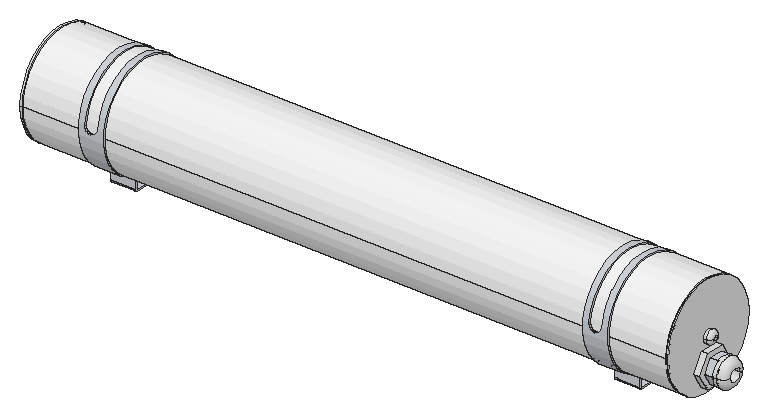
Revit family "0047580 Feilo Sylvania Lighting Fixture SYLPROOF TUBULAR LED 1X600 EB NW", category Lighting Fixtures, host Face, Revit 2017
Family settings
  Host = Face
  Round Connector Dimension = Use Diameter
  Part Type = Normal
  OmniClass Number = 23.80.70.00
  OmniClass Title = Lighting
  Cut with Voids When Loaded = No
  Light Source = Yes
  Shared = No
  Room Calculation Point = No
Parameters (values of type "0047580 SYLPROOF TUBULAR LED 1X600 EB NW")
  Weight = "1.7 kg"
  Wattage Comments = "n/a"
  Wattage = 13 W
  WarrantyStartDate [instance] = "n/a"
  WarrantyGuarantorParts = "n/a"
  WarrantyDurationUnit = "n/a"
  WarrantyDurationParts = "n/a"
  WarrantyDescription = "n/a"
  built-in parameter 1150110 = 1 (stored number, unit not read)
  Voltage = 230 V
  URL = "http://www.sylvania-lighting.com"
  TypeName = "SYLPROOF TUBULAR LED 1X600 EB NW"
  Type Image = <None>
  Type Comments = "n/a"
  TubeDiameterOutside_FEILO = 100 mm
  TubeDiameterInside_FEILO = 96 mm
  built-in parameter 1114217 = 1 (stored number, unit not read)
  Tilt Angle = -90.00°
  built-in parameter 1150109 = 1 (stored number, unit not read)
  built-in parameter 1150134 = 12
  built-in parameter 1150113 = 1 (stored number, unit not read)
  SerialNumber [instance] = "n/a"
  ReflectorMaterial = Reflector-Sylvania-SylproofTubular-Illumination
  PowerFactor = 0
  PowerConsumption = "13 W"
  Photometric Web File = "0047580.ies"
  NominalLength = 700 mm
  NominalHeight = 112 mm
  NominalDepth = 112 mm
  Name = "SYLPROOF TUBULAR LED 1X600 EB NW"
  MountingHeight_FEILO = 64 mm
  ModelReference = Name  # "SYLPROOF TUBULAR LED 1X600 EB NW"
  ModelNumber = "0047580"
  Model = Name  # "SYLPROOF TUBULAR LED 1X600 EB NW"
  Material = "acrylic/pmma tube housing, acrylic/pmma diffuser"
  ManufacturerName = "Feilo Sylvania"
  Manufacturer = "Feilo Sylvania"
  LuminousEfficacy = "102.92 lm/W"
  built-in parameter 1150105 = 106.47 (stored number, unit not read)
  Lumens = 1337.96 lm
  LuminaireType = ""
  built-in parameter 1150115 = 1 (stored number, unit not read)
  LightOutputRatio = "100"
  TubeLength_FEILO = 642 mm
  built-in parameter 1150137 = (empty or 0)
  built-in parameter 1150139 = (empty or 0)
  LampsType = Lamp  # "LED"
  LampNominalLuminous = "1338 lm"
  LampMacAdamStep = "n/a"
  LampColourTemperature = "4000 K"
  LampColourRenderingIndex = "0"
  built-in parameter 1150112 = 1 (stored number, unit not read)
  built-in parameter 1150114 = 1 (stored number, unit not read)
  Lamp = "LED"
  Keynote = "16500"
  InstallationDate [instance] = "n/a"
  InputVoltage = "220-240V~"
  InputNominalFrequency = "50/60 Hz"
  built-in parameter 1150132 = (empty or 0)
  built-in parameter 1150102 = (empty or 0)
  built-in parameter 1150107 = 4000 (stored number, unit not read)
  built-in parameter 1150138 = (empty or 0)
  IngressProtection = "IP66"
  ImpactProtectionIndex = "IK06"
  built-in parameter 1150106 = 1.0647 (stored number, unit not read)
  IfcExportType = "IfcLightFixtureType"
  IfcExportAs = "IfcLightFixtureType"
  Height_FEILO = 115 mm
  ExpectedLife = 50000
  Emit from Rectangle Width = TubeLength_FEILO - 20 mm  # 622 mm
  Emit from Rectangle Length = 90 mm  # constant formula
  Emit Shape Visible in Rendering = no
  ElectricShockClassification = "Class I"
  built-in parameter 1150104 = 9.5616 (stored number, unit not read)
  DurationUnit = "hours"
  DocumentationLiterature = "http://www.sylvania-lighting.com/product/en-int/products/0047580"
  DimmingControlOptions = "Non dimmable"
  Dimming Lamp Color Temperature Shift = <None>
  DiffuserMaterial = Diffuser-Sylvania-SylproofTubular-Opal
  Description = "Aesthetically attractive and highly efficient LED tubular luminaire, opaque acrylic diffuser, stainless steel end caps and mounting brackets, rapid connector, as Sylvania Sylproof Tubular LED"
  Default Elevation = 1219.2 mm
  CreatedOn = "21/11/2017"
  CreatedBy = ""
  Cost = 0
  Color Filter = 16777215
  built-in parameter 1114216 [instance] = (empty or 0)
  ClassificationValue = "EF_70_80"
  ClassificationName = "Uniclass2015"
  BracketWidth_FEILO = 25 mm
  BracketDistance_FEILO = TubeLength_FEILO - 142 mm  # 500 mm
  BodyMaterial = Body-Sylvania-SylproofTubular-Aluminium
  BarCode [instance] = "n/a"
  built-in parameter 1114218 = 1 (stored number, unit not read)
  built-in parameter 1150133 = 10 (stored number, unit not read)
  AssetType = "Fixed"
  AssetIdentifier [instance] = "n/a"
  Assembly Code = "D5020200"
  Apparent Load = 13 VA
  AccessoryMaterial = none
Reference planes
  plane 1 "Center (Front/Back)": y = 0
  plane 2: z = 0
  plane 3 "Center (Left/Right)": x = 0
  plane 4: x = 250
  plane 5: x = -250
  plane 6: x = 321
  plane 7: x = -321
  plane 8: x = 348
  plane 9: x = -319
  plane 10: x = 319
  plane 11: z = 64
  plane 12: z = 54
  plane 13: y = 14
  plane 14: y = -14
  plane 15: y = -42
  plane 16: y = 42
  plane 17: x = 307
  plane 18: x = -307
  plane 19: x = 324.8
  plane 20: x = -324.8
  plane 21: y = 6.4
  plane 22: y = -6.4
  plane 23: y = 2
  plane 24: x = 328.1
  plane 25: x = -328.1
  plane 26: z = 38
  plane 27: z = 54
  plane 28: z = 22
  plane 29: x = 337.1
  plane 30: x = 340.6
  plane 31: z = 115
Forms (mm)
  Extrusion 1, solid, material "Diffuser-Sylvania-SylproofTubular-Opal" <- "DiffuserMaterial"
    sketch origin (0, 0, 0) x (0, 1, 0) y (0, 0, 1)
      loop
        circle (0, 64) r 50
      loop
        circle (0, 64) r 48
    from -319 to 319
  Extrusion 2, solid, material "Reflector-Sylvania-SylproofTubular-Illumination" <- "ReflectorMaterial", detail levels medium+fine
    sketch origin (0, 0, 0) x (0, 1, 0) y (0, 0, 1)
      loop
        line (14, 54) -> (42, 64) -> (41.664, 64.942) -> (13.827, 55) -> (-13.827, 55) -> (-41.664, 64.942) -> (-42, 64) -> (-14, 54) -> (14, 54)
    from -307 to 307
  Extrusion 3, solid, material "Body-Sylvania-SylproofTubular-Aluminium" <- "BodyMaterial"
    sketch origin (319, 1524, 1219.2) x (0, 1, 0) y (0, 0, 1)
      loop
        circle (-1524, -1155.2) r 50
    from 0 to 2
  Extrusion 4, solid, material "Body-Sylvania-SylproofTubular-Aluminium" <- "BodyMaterial"
    sketch origin (-319, 1524, 1219.2) x (0, 1, 0) y (0, 0, 1)
      loop
        circle (-1524, -1155.2) r 50
    from -2 to 0
  Revolve 5, solid, material "Body-Sylvania-SylproofTubular-Aluminium" <- "BodyMaterial", detail levels fine
    sketch origin (0, 1219.2, 64) x (1, 0, 0) y (0, 1, 0)
      loop
        line (-328.1, -1219.2) -> (-321, -1219.2) -> (-321, -1212.8) -> (-324.8, -1212.8)
        arc (-324.8, -1212.8) -> (-327.183, -1214.45) -> (-328.1, -1217.2) r 4.583
        line (-328.1, -1217.2) -> (-328.1, -1219.2)
      axis (-321, -1219.2) -> (-328.1, -1219.2)
    angle from 360 to 0
  Revolve 6, solid, material "Body-Sylvania-SylproofTubular-Aluminium" <- "BodyMaterial", detail levels fine
    sketch origin (0, 1219.2, 64) x (1, 0, 0) y (0, 1, 0)
      loop
        line (328.1, -1219.2) -> (328.1, -1217.2)
        arc (328.1, -1217.2) -> (327.183, -1214.45) -> (324.8, -1212.8) r 4.583
        line (324.8, -1212.8) -> (321, -1212.8) -> (321, -1219.2) -> (328.1, -1219.2)
      axis (328.1, -1219.2) -> (321, -1219.2)
    angle from 360 to 0
  Extrusion 7, solid, material "Body-Sylvania-SylproofTubular-Aluminium" <- "BodyMaterial", detail levels medium+fine
    sketch origin (321, 1524, 1219.2) x (0, 1, 0) y (0, 0, 1)
      loop
        line (-1533.174, -1165.2) -> (-1542.475, -1181.089) -> (-1533.302, -1197.2) -> (-1514.826, -1197.2) -> (-1505.525, -1181.311) -> (-1514.698, -1165.2) -> (-1533.174, -1165.2)
    from 0 to 7.1
  Extrusion 8, solid, detail levels medium+fine
    sketch origin (328.1, 1524, 1219.2) x (0, 1, 0) y (0, 0, 1)
      loop
        line (-1530.892, -1169.262) -> (-1537.785, -1181.2) -> (-1530.892, -1193.138) -> (-1517.108, -1193.138) -> (-1510.215, -1181.2) -> (-1517.108, -1169.262) -> (-1530.892, -1169.262)
    from 0 to 9
  Revolve 9, solid, material "Body-Sylvania-SylproofTubular-Aluminium" <- "BodyMaterial", detail levels medium+fine
    sketch origin (0, 1219.2, 38) x (1, 0, 0) y (0, 1, 0)
      loop
        line (337.1, -1205.415) -> (337.1, -1212.8) -> (348, -1212.8)
        arc (348, -1212.8) -> (345.837, -1207.578) -> (340.615, -1205.415) r 7.385
        line (340.615, -1205.415) -> (337.1, -1205.415)
      axis (348, -1219.2) -> (337.1, -1219.2)
    angle from 360 to 0
Dimensions and locks
  equal spacing: plane 5, plane 3 "Center (Left/Right)", plane 4
  "BracketDistance_FEILO": plane 5 to plane 4
  equal spacing: plane 7, plane 3 "Center (Left/Right)", plane 6  (x2)
  "TubeLength_FEILO": plane 7 to plane 6
  locked: plane 6 to plane 8 at 27
  equal spacing: plane 9, plane 3 "Center (Left/Right)", plane 10
  locked: plane 7 to plane 9 at 2
  "MountingHeight_FEILO": plane 11 to plane 2
  locked: plane 12 to plane 11 at 10
  equal spacing: plane 14, plane 1 "Center (Front/Back)", plane 13
  locked: plane 14 to plane 1 "Center (Front/Back)" at 14
  equal spacing: plane 15, plane 1 "Center (Front/Back)", plane 16
  locked: plane 15 to plane 1 "Center (Front/Back)" at 42
  locked: plane 12 to Extrusion 2 sketch curve at 1
  locked: Extrusion 2 sketch curve to Extrusion 2 sketch curve at 1  (x2)
  equal spacing: plane 18, plane 3 "Center (Left/Right)", plane 17
  locked: plane 9 to plane 18 at 12
  equal spacing: plane 20, plane 3 "Center (Left/Right)", plane 19
  locked: plane 20 to plane 7 at 3.8
  equal spacing: plane 22, plane 1 "Center (Front/Back)", plane 21
  locked: plane 22 to plane 21 at 12.8
  locked: plane 1 "Center (Front/Back)" to plane 23 at 2
  equal spacing: plane 25, plane 3 "Center (Left/Right)", plane 24
  locked: plane 25 to plane 7 at 7.1
  locked: plane 26 to plane 11 at 26
  equal spacing: plane 28, plane 26, plane 27
  locked: plane 26 to plane 27 at 16
  locked: Extrusion 7 sketch curve to Extrusion 7 sketch curve at 32.001  (x2)
  locked: plane 24 to plane 29 at 9
  locked: plane 26 to Extrusion 8 sketch curve at 11.938
  locked: Extrusion 8 sketch curve to plane 26 at 11.938
  locked: Extrusion 8 sketch curve to Extrusion 8 sketch curve at 23.876  (x2)
  locked: Extrusion 8 sketch curve to plane 1 "Center (Front/Back)" at 13.785
  locked: plane 1 "Center (Front/Back)" to Extrusion 8 sketch curve at 13.785
  locked: plane 29 to plane 30 at 3.5
  "Height_FEILO": plane 31 to plane 2
  "TubeDiameterOutside_FEILO": diameter of Extrusion 1 sketch curve
  "TubeDiameterInside_FEILO": diameter of Extrusion 1 sketch curve
  aligned and locked: plane 2 to host face
  aligned and locked: level to host face
  aligned and locked: plane 10 to Extrusion 1
  aligned and locked: Extrusion 1 to plane 9
  aligned and locked: plane 13 to Extrusion 2 sketch curve
  aligned and locked: Extrusion 2 sketch curve to plane 12
  aligned and locked: plane 11 to Extrusion 2 sketch curve
  aligned and locked: plane 15 to Extrusion 2 sketch curve
  aligned and locked: plane 17 to Extrusion 2
  aligned and locked: Extrusion 2 to plane 18
  aligned and locked: plane 11 to Extrusion 1 sketch curve  (x2)
  aligned and locked: plane 1 "Center (Front/Back)" to Extrusion 1 sketch curve  (x2)
  aligned and locked: Extrusion 3 sketch curve to Extrusion 1  (x2)
  aligned and locked: plane 6 to Extrusion 3
  aligned and locked: Extrusion 3 to plane 10
  aligned and locked: Extrusion 4 sketch curve to Extrusion 3  (x2)
  aligned and locked: Extrusion 4 to plane 7
  aligned and locked: plane 9 to Extrusion 4
  aligned and locked: Revolve 5 sketch curve to Extrusion 4
  aligned and locked: plane 1 "Center (Front/Back)" to Revolve 5 sketch curve
  aligned and locked: plane 20 to Revolve 5 sketch curve
  aligned and locked: Revolve 5 sketch curve to plane 21
  aligned and locked: Revolve 5 sketch curve to plane 1 "Center (Front/Back)"
  aligned and locked: plane 23 to Revolve 6 sketch curve
  aligned and locked: Revolve 6 sketch curve to Extrusion 3
  aligned and locked: plane 1 "Center (Front/Back)" to Revolve 6 sketch curve
  aligned and locked: Revolve 6 sketch curve to plane 21
  aligned and locked: Revolve 6 sketch curve to plane 1 "Center (Front/Back)"
  aligned and locked: plane 25 to Revolve 5 sketch curve
  aligned and locked: plane 24 to Revolve 6 sketch curve
  aligned and locked: Extrusion 7 sketch curve to plane 27
  aligned and locked: plane 28 to Extrusion 7 sketch curve
  aligned and locked: plane 24 to Extrusion 7
  aligned and locked: Extrusion 7 to plane 6
  aligned and locked: plane 29 to Extrusion 8
  aligned and locked: Extrusion 8 to plane 24
  aligned and locked: Revolve 9 sketch curve to plane 1 "Center (Front/Back)"
  aligned and locked: Extrusion 8 to Revolve 9 sketch curve
  aligned and locked: Revolve 9 sketch curve to Extrusion 8
  aligned and locked: plane 8 to Revolve 9 sketch curve
  aligned and locked: plane 21 to Revolve 9 sketch curve
  aligned and locked: imposter light to plane 31
  aligned and locked: imposter light to plane 3 "Center (Left/Right)"
  aligned and locked: imposter light to plane 1 "Center (Front/Back)"
  aligned and locked: plane 1 "Center (Front/Back)" to nested 2
  aligned and locked: plane 1 "Center (Front/Back)" to nested 1
  aligned and locked: plane 5 to nested 1
  aligned and locked: plane 4 to nested 2
Automatic sketch dimensions
  host sketch curve to host sketch curve = 2438.4 mm  (x2)
  Extrusion 2 sketch curve to plane 14 = 0 mm
  Extrusion 2 sketch curve to plane 16 = 0 mm
  plane 11 to Extrusion 2 sketch curve = 0 mm
  plane 23 to Revolve 5 sketch curve = 0 mm
  Revolve 5 sketch curve to plane 25 = 1195.9 mm
  plane 8 to Revolve 5 sketch curve = 1176 mm
  Revolve 6 sketch curve to plane 19 = 0 mm
  Revolve 6 sketch curve to plane 25 = 1195.9 mm
  plane 8 to Revolve 6 sketch curve = 1176 mm
  Extrusion 7 sketch curve to plane 26 = 0.111 mm
  plane 14 to Extrusion 7 sketch curve = 4.475 mm
  plane 22 to Extrusion 7 sketch curve = 2.902 mm
  plane 22 to Extrusion 7 sketch curve = 2.774 mm
  plane 26 to Extrusion 8 sketch curve = 0 mm  (x2)
  Revolve 9 sketch curve to plane 25 = 1195.9 mm
  plane 8 to Revolve 9 sketch curve = 1176 mm
Nested families
  nested 1: "SylproofTubularMountingRing" at (-250, 0, 0), type "SylproofTubularMountingRing"
  nested 2: "SylproofTubularMountingRing" at (250, 0, 0), type "SylproofTubularMountingRing"
Connectors
  electrical at (0, 0, 0), driven by "Apparent Load", driven by "PowerFactor", driven by "Voltage"
    settings: index 1, voltage 230 V, apparent load 13 VA, apparent load phase1 0 VA, apparent load phase2 0 VA, apparent load phase3 0 VA, power factor 0, load classification "Lighting", number of poles 1, system type 30, power factor state 1, is connector primary yes, connector utility no, sub classification motor no, connector description ""
Definition of nested family "SylproofTubularMountingRing"
  Parameters (values of type "SylproofTubularMountingRing")
    URL = "http://www.feilosylvania.com"
    Type Image = (empty or 0)
    Type Comments = "n/a"
    TubeRadius_FEILO = 50 mm
    TubeDiameter_FEILO = TubeRadius_FEILO * 2  # 100 mm
    Model = ""
    Manufacturer = "Feilo Sylvania"
    Length_FEILO = 1000 mm
    Keynote = ""
    Height_FEILO = 3 mm
    Description = ""
    Default Elevation = 1219.2 mm
    CutOutWidth_FEILO = BracketWidth_FEILO / 2  # 12.5 mm
    CutOutRadius_FEILO = CutOutWidth_FEILO / 2  # 6.25 mm
    Cost = 0
    ClassificationValue = ""
    ClassificationName = ""
    BracketWidth_FEILO = 25 mm
    BracketThickness_FEILO = 1 mm
    BracketOuterCircleRadis_FEILO = TubeRadius_FEILO + BracketThickness_FEILO  # 51 mm
    BodyMaterial = none
    Assembly Code = ""
  Reference planes
    plane 1 "Center (Front/Back)": y = 0
    plane 2: z = 0
    plane 3 "Center (Left/Right)": x = 0
    plane 4: x = 12.5
    plane 5: x = -12.5
    plane 6: y = 50
    plane 7: y = -50
    plane 8: z = 115
    plane 9: z = 114
    plane 10: y = -51
    plane 11: y = 51
    plane 12: z = 14
    plane 13: z = 64
    plane 14: y = 10
    plane 15: y = -10
    plane 16: y = 11
    plane 17: z = 1
    plane 18: y = -11
    plane 19: x = 6.25
    plane 20: x = -6.25
    plane 21: z = 70.25
    plane 22: y = 54
    plane 23: y = -54
    plane 24: z = 120
  Forms (mm)
    Extrusion 1, solid
      sketch origin (4.2, 0, 0) x (1, 0, 0) y (0, 1, 0)
        loop
          line (-1219.2, 1219.2) -> (-1219.2, -1219.2) -> (1219.2, -1219.2) -> (1219.2, 1219.2) -> (-1219.2, 1219.2)
      from 0 to -68.017
    Extrusion 2, solid
      sketch origin (0, 0, 0) x (0, 1, 0) y (0, 0, 1)
        loop
          arc (9, 1) -> (9.707, 1.293) -> (10, 2) r 1
          line (10, 2) -> (10, 13.435)
          arc (10, 13.435) -> (10.423, 14.651) -> (11.509, 15.343) r 1.96
          arc (11.509, 15.343) -> (0.015, 114) -> (-11.538, 15.35) r 50
          arc (-11.538, 15.35) -> (-10.431, 14.644) -> (-10, 13.404) r 2
          line (-10, 13.404) -> (-10, 2)
          arc (-10, 2) -> (-9.707, 1.293) -> (-9, 1) r 1
          line (-9, 1) -> (9, 1)
        loop
          arc (9, 0) -> (10.414, 0.586) -> (11, 2) r 2
          line (11, 2) -> (11, 13.404)
          arc (11, 13.404) -> (11.216, 14.024) -> (11.769, 14.377) r 1
          arc (11.769, 14.377) -> (0, 115) -> (-11.769, 14.377) r 51
          arc (-11.769, 14.377) -> (-11.216, 14.024) -> (-11, 13.404) r 1
          line (-11, 13.404) -> (-11, 2)
          arc (-11, 2) -> (-10.414, 0.586) -> (-9, 0) r 2
          line (-9, 0) -> (9, 0)
      from -12.5 to 12.5
    Extrusion 3, void
      sketch origin (0, 0, 0) x (1, 0, 0) y (0, 0, 1)
        loop
          line (-6.25, 120) -> (-6.25, 70.25)
          arc (-6.25, 70.25) -> (0, 64) -> (6.25, 70.25) r 6.25
          line (6.25, 70.25) -> (6.25, 120) -> (-6.25, 120)
      from -54 to 54
  Cuts and joins
    Extrusion 3 cuts Extrusion 2
  Lines and regions (mm)
    reference lines
      curve 1: circle (0, 0, 64) r 50 normal (1, 0, 0)
      curve 2: circle (0, 0, 64) r 51 normal (-1, 0, 0)
  Dimensions and locks
    equal spacing: plane 5, plane 3 "Center (Left/Right)", plane 4
    "BracketWidth_FEILO": plane 5 to plane 4
    equal spacing: plane 7, plane 1 "Center (Front/Back)", plane 6
    "TubeRadius_FEILO": plane 7 to plane 1 "Center (Front/Back)"
    locked: plane 8 to plane 2 at 115
    "BracketThickness_FEILO": plane 9 to plane 8
    equal spacing: plane 10, plane 1 "Center (Front/Back)", plane 11
    "BracketThickness_FEILO": plane 10 to plane 7
    "TubeDiameter_FEILO": plane 12 to plane 9
    "TubeRadius_FEILO": plane 12 to plane 13
    equal spacing: plane 15, plane 1 "Center (Front/Back)", plane 14
    locked: plane 15 to plane 1 "Center (Front/Back)" at 10
    "BracketThickness_FEILO": plane 17 to plane 2
    "BracketThickness_FEILO": plane 18 to plane 15
    equal spacing: plane 18, plane 1 "Center (Front/Back)", plane 16
    equal spacing: plane 19, plane 3 "Center (Left/Right)", plane 20
    "CutOutWidth_FEILO": plane 19 to plane 20
    "CutOutRadius_FEILO": plane 21 to plane 13
    plane 23 to plane 1 "Center (Front/Back)" to plane 22 = 54 mm locked, 54 mm locked
    locked: plane 24 to level at 120
    "TubeRadius_FEILO": radius of curve 1
    "BracketOuterCircleRadis_FEILO": radius of curve 2
    "BracketOuterCircleRadis_FEILO": radius of Extrusion 2 sketch curve
    "TubeRadius_FEILO": radius of Extrusion 2 sketch curve
    aligned and locked: plane 2 to Extrusion 1
    aligned and locked: level to Extrusion 1
    aligned and locked: plane 1 "Center (Front/Back)" to curve 1
    aligned and locked: plane 13 to curve 1
    aligned and locked: plane 1 "Center (Front/Back)" to curve 2
    aligned and locked: plane 13 to curve 2
    aligned and locked: Extrusion 2 sketch curve to plane 17
    aligned and locked: Extrusion 2 sketch curve to plane 15
    aligned and locked: Extrusion 2 sketch curve to plane 18
    aligned and locked: Extrusion 2 sketch curve to plane 14
    aligned and locked: Extrusion 2 sketch curve to plane 16
    aligned and locked: plane 4 to Extrusion 2
    aligned and locked: Extrusion 2 to plane 5
    aligned and locked: plane 20 to Extrusion 3 sketch curve
    aligned and locked: Extrusion 3 sketch curve to plane 19
    aligned and locked: plane 3 "Center (Left/Right)" to Extrusion 3 sketch curve
    aligned and locked: plane 21 to Extrusion 3 sketch curve  (x3)
    aligned and locked: plane 23 to Extrusion 3
    aligned and locked: Extrusion 3 to plane 22
    aligned and locked: plane 24 to Extrusion 3 sketch curve
  Automatic sketch dimensions
    Extrusion 1 sketch curve to Extrusion 1 sketch curve = 2438.4 mm  (x2)
    Extrusion 2 sketch curve to Extrusion 2 sketch curve = 0 mm  (x8)
    Extrusion 2 sketch curve to plane 1 "Center (Front/Back)" = 0 mm
    plane 13 to Extrusion 2 sketch curve = 0 mm
    Extrusion 2 sketch curve to plane 15 = 1 mm
    plane 14 to Extrusion 2 sketch curve = 1 mm
    Extrusion 2 sketch curve to Extrusion 2 sketch curve = 1 mm
    Extrusion 2 sketch curve to Extrusion 2 sketch curve = 0.04 mm
    plane 12 to Extrusion 2 sketch curve = 0.596 mm
    plane 12 to Extrusion 2 sketch curve = 0.565 mm
    Extrusion 2 sketch curve to Extrusion 2 sketch curve = 0.031 mm
  Connectors
    electrical at (0, 0, 0)
      settings: index 1, voltage 24 V, apparent load 72 VA, apparent load phase1 0 VA, apparent load phase2 0 VA, apparent load phase3 0 VA, power factor 0, load classification none, number of poles 1, system type 30, power factor state 1, is connector primary yes, connector utility no, sub classification motor no, connector description ""
